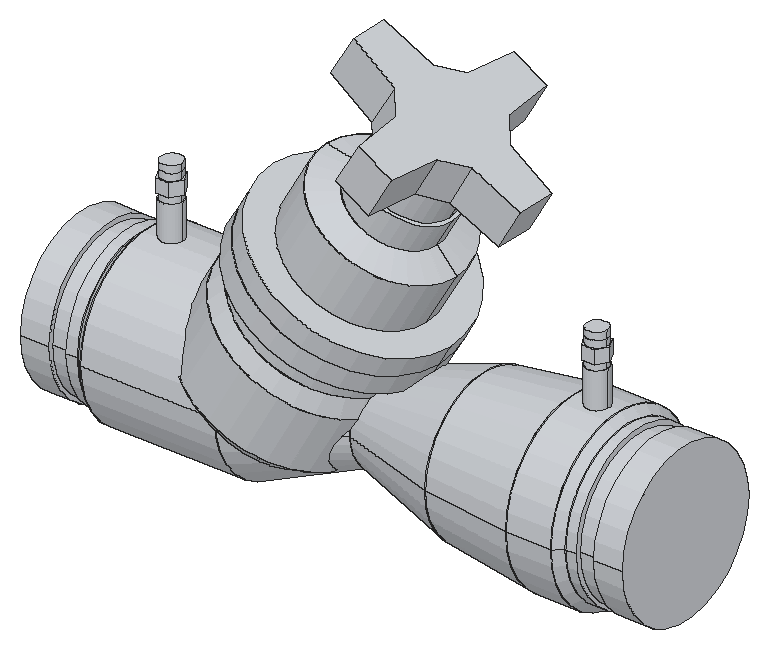
Revit family "447_d-DN050-RFA_2018", category Pipe Accessories, Revit 2018
Family settings
  Round Connector Dimension = Use Diameter
  Part Type = Valve - Breaks Into
  Work Plane-Based = No
  Always vertical = Yes
  Cut with Voids When Loaded = No
  Shared = No
Parameters (values of type "447_d-DN050")
  magiProductId = "b59a3d0ad4654cda90cee0c397c848"
  magiProductFamilyId = "eab8c084d85f47fc9aed3208e9defb"
  magiPartTypeId = 304
  isMeasuringValve [instance] = no
  ang2D [instance] = 0.00°
  W3 = 9.08 mm
  W2D = 100 mm
  W2 = 17.092 mm
  W1 = 7.25 mm
  VersionID = "2.0/2018.4.11.4/ZETKAMA_447_GROOVED_001"
  Use Minimum Symbol Size [instance] = yes
  URL = "www.hydronix.cz"
  Type Comments = "drážkový spoj; PN16; -10~+120°C;"
  R9 = 39 mm
  R8 = 16.5 mm
  R7 = 18 mm
  R6 = 36 mm
  R5 = 37 mm
  R4 = 16.5 mm
  R3 = 33 mm
  R2 = 28.5 mm
  R13 = 4.933 mm
  R12 = 3.861 mm
  R11 = 4.29 mm
  R1 = 30 mm
  R = 25 mm
  QmdConnectorList = "301;D;302;D"
  Productdata [instance] = ""
  Model = ""
  Manufacturer = "Hydronix"
  Maintenance Zone Under Depth [instance] = 30 mm
  Maintenance Zone Right Depth [instance] = 230 mm
  Maintenance Zone Over Depth [instance] = 130 mm
  Maintenance Zone Left Depth [instance] = 230 mm
  Maintenance Zone Front Depth [instance] = 130 mm
  Maintenance Zone Back Depth [instance] = 130 mm
  Maintenance Zone Front Visibility [instance] = no
  MC Product Code = "447 050 d (DN50; PN16 kvs32,15)"
  MC Piping Given Pressure Drop [instance] = 0.0 Pa
  L9 = 34.317 mm
  L8__ve = -L8  # -17.159 mm
  L8 = 17.159 mm
  L6 = 51.476 mm
  L5 = 3.286 mm
  L4__ve = -L4  # -4.381 mm
  L4 = 4.381 mm
  L3__ve = -L3  # -6.571 mm
  L3 = 6.571 mm
  L2__ve = -L2  # -10.952 mm
  L2D_Min = 3048 mm
  L2D = 350 mm
  L2 = 10.952 mm
  L13 = 8.579 mm
  L12 = 7.25 mm
  L11 = 9.08 mm
  L10 = 17.092 mm
  L1 = 115 mm
  KZ = 19.167 mm
  KL = 33.198 mm
  H9 = 3.433 mm
  H8 = 22.317 mm
  H7 = 8.583 mm
  H6 = 10.3 mm
  H5 = 6.867 mm
  H4 = 25.75 mm
  H17 = 5.2 mm
  H16 = 2.6 mm
  H15 = 46 mm
  H14 = 17.167 mm
  H13 = 12.875 mm
  H11 = 13.733 mm
  H10 = 12.017 mm
  Description = "Ruční vyvažovací ventil s drážkovým spojem"
  D = 50 mm
  CenSd_R13_6 = R13 * cos(30.00°)  # 4.272 mm
  Clearance Zone Height Depth [instance] = 130 mm
  Clearance Zone Circular Radius [instance] = 115 mm
  Clearance Zone Visibility [instance] = no
Types (10, lengths in mm): name | magiProductId | W3 | W2 | W1 | R9 | R8 | R7 | R6 | R5 | R4 | R3 | R2 | R13 | R12 | R11 | R1 | R | Maintenance Zone Under Depth | Maintenance Zone Right Depth | Maintenance Zone Over Depth | Maintenance Zone Left Depth | Maintenance Zone Front Depth | Maintenance Zone Back Depth | MC Product Code | L9 | L8__ve | L8 | L6 | L5 | L4__ve | L4 | L3__ve | L3 | L2__ve | L2 | L13 | L12 | L11 | L10 | L1 | KZ | KL | H9 | H8 | H7 | H6 | H5 | H4 | H17 | H16 | H15 | H14 | H13 | H11 | H10 | D | CenSd_R13_6 | Clearance Zone Height Depth | Clearance Zone Circular Radius
  447_d-DN100 | "e5a6bfdd9ca54003a0551f5d760c3c" | 14.437 | 30.026 | 12.736 | 74.1 | 31.35 | 34.2 | 68.4 | 65 | 31.35 | 62.7 | 54.15 | 7.507 | 5.875 | 6.528 | 57 | 50 | 57 | 350 | 240 | 350 | 130 | 130 | "447 100 d (DN100; PN16 kvs180,5)" | 52.222 | -26.111 | 26.111 | 78.333 | 5 | -6.667 | 6.667 | -10 | 10 | -16.667 | 16.667 | 13.056 | 12.736 | 14.437 | 30.026 | 175 | 29.167 | 50.518 | 6.389 | 41.531 | 15.973 | 19.168 | 12.779 | 47.92 | 9.6 | 4.8 | 86.7 | 31.947 | 23.96 | 25.557 | 22.363 | 100 | 6.501 | 240 | 175
  447_d-DN125 | "5795ec580370482d8c46e49d975863" | 14.437 | 30.026 | 12.736 | 91.65 | 38.775 | 42.3 | 84.6 | 65 | 38.775 | 77.55 | 66.975 | 8.579 | 6.714 | 7.46 | 70.5 | 62.5 | 71 | 400 | 260 | 400 | 130 | 130 | "447 125 d (DN125; PN16 kvs280,0)" | 59.683 | -29.841 | 29.841 | 89.524 | 5.714 | -7.619 | 7.619 | -11.429 | 11.429 | -19.048 | 19.048 | 14.921 | 12.736 | 14.437 | 30.026 | 200 | 33.333 | 57.735 | 7.005 | 45.534 | 17.513 | 21.016 | 14.01 | 52.539 | 10.4 | 5.2 | 103.55 | 35.026 | 26.269 | 28.021 | 24.518 | 125 | 7.43 | 260 | 200
  447_d-DN150 | "9b6b5ad10a674c51b522359e7e2d39" | 14.437 | 30.026 | 12.736 | 109.2 | 46.2 | 50.4 | 100.8 | 65 | 46.2 | 92.4 | 79.8 | 10.295 | 8.057 | 8.952 | 84 | 75 | 84 | 480 | 285 | 480 | 130 | 130 | "447 150 d (DN150; PN16 kvs383,4)" | 71.619 | -35.81 | 35.81 | 107.429 | 6.857 | -9.143 | 9.143 | -13.714 | 13.714 | -22.857 | 22.857 | 17.905 | 12.736 | 14.437 | 30.026 | 240 | 40 | 69.282 | 7.775 | 50.537 | 19.437 | 23.325 | 15.55 | 58.312 | 11.4 | 5.7 | 120.9 | 38.875 | 29.156 | 31.1 | 27.212 | 150 | 8.916 | 285 | 240
  447_d-DN200 | "f5a67fe5c2444fc986ed7f87b9a4ed" | 31.658 | 71.601 | 30.372 | 142.35 | 60.225 | 65.7 | 131.4 | 155 | 60.225 | 120.45 | 104.025 | 12.869 | 10.071 | 11.19 | 109.5 | 100 | 110 | 600 | 480 | 600 | 310 | 310 | "447 200 d (DN200; PN16 kvs710,0)" | 89.524 | -44.762 | 44.762 | 134.286 | 8.571 | -11.429 | 11.429 | -17.143 | 17.143 | -28.571 | 28.571 | 22.381 | 30.372 | 31.658 | 71.601 | 300 | 50 | 86.603 | 12.394 | 80.56 | 30.984 | 37.181 | 24.788 | 92.953 | 19.2 | 9.6 | 168.45 | 61.969 | 46.477 | 49.575 | 43.378 | 200 | 11.145 | 480 | 300
  447_d-DN250 | "7d63ae0d28f64990bc8ce3477101ef" | 31.658 | 71.601 | 30.372 | 177.45 | 75.075 | 81.9 | 163.8 | 155 | 75.075 | 150.15 | 129.675 | 15.657 | 12.254 | 13.615 | 136.5 | 125 | 137 | 730 | 525 | 730 | 310 | 310 | "447 250 d (DN250; PN16 kvs1187,5)" | 108.921 | -54.46 | 54.46 | 163.381 | 10.429 | -13.905 | 13.905 | -20.857 | 20.857 | -34.762 | 34.762 | 27.23 | 30.372 | 31.658 | 71.601 | 365 | 60.833 | 105.366 | 13.779 | 89.566 | 34.449 | 41.338 | 27.559 | 103.346 | 21 | 10.5 | 202.65 | 68.897 | 51.673 | 55.118 | 48.228 | 250 | 13.56 | 525 | 365
  447_d-DN300 | "0a2a34dba99a430aa7daf784d6b0c1" | 31.658 | 71.601 | 30.372 | 210.6 | 89.1 | 97.2 | 194.4 | 155 | 89.1 | 178.2 | 153.9 | 18.231 | 14.268 | 15.853 | 162 | 150 | 162 | 850 | 535 | 850 | 310 | 310 | "447 300 d (DN300; PN16 kvs1504,1)" | 126.825 | -63.413 | 63.413 | 190.238 | 12.143 | -16.19 | 16.19 | -24.286 | 24.286 | -40.476 | 40.476 | 31.706 | 30.372 | 31.658 | 71.601 | 425 | 70.833 | 122.687 | 14.087 | 91.568 | 35.218 | 42.262 | 28.175 | 105.655 | 21.4 | 10.7 | 231.7 | 70.437 | 52.828 | 56.349 | 49.306 | 300 | 15.789 | 535 | 425
  447_d-DN040 | "6dc4a6b5eb924103b02307904d600f" | 9.08 | 17.092 | 7.25 | 31.2 | 13.2 | 14.4 | 28.8 | 37 | 13.2 | 26.4 | 22.8 | 4.29 | 3.357 | 3.73 | 24 | 20 | 24 | 200 | 130 | 200 | 74 | 74 | "447 040 d (DN40; PN16 kvs22,36)" | 29.841 | -14.921 | 14.921 | 44.762 | 2.857 | -3.81 | 3.81 | -5.714 | 5.714 | -9.524 | 9.524 | 7.46 | 7.25 | 9.08 | 17.092 | 100 | 16.667 | 28.868 | 3.433 | 22.317 | 8.583 | 10.3 | 6.867 | 25.75 | 5.2 | 2.6 | 39.4 | 17.167 | 12.875 | 13.733 | 12.017 | 40 | 3.715 | 130 | 100
  447_d-DN050 | "b59a3d0ad4654cda90cee0c397c848" | 9.08 | 17.092 | 7.25 | 39 | 16.5 | 18 | 36 | 37 | 16.5 | 33 | 28.5 | 4.933 | 3.861 | 4.29 | 30 | 25 | 30 | 230 | 130 | 230 | 130 | 130 | "447 050 d (DN50; PN16 kvs32,15)" | 34.317 | -17.159 | 17.159 | 51.476 | 3.286 | -4.381 | 4.381 | -6.571 | 6.571 | -10.952 | 10.952 | 8.579 | 7.25 | 9.08 | 17.092 | 115 | 19.167 | 33.198 | 3.433 | 22.317 | 8.583 | 10.3 | 6.867 | 25.75 | 5.2 | 2.6 | 46 | 17.167 | 12.875 | 13.733 | 12.017 | 50 | 4.272 | 130 | 115
  447_d-DN065 | "356db372cd37496c9ff0d3ad255dc6" | 14.437 | 30.026 | 12.736 | 49.4 | 20.9 | 22.8 | 45.6 | 65 | 20.9 | 41.8 | 36.1 | 6.22 | 4.868 | 5.409 | 38 | 32.5 | 38 | 290 | 220 | 290 | 130 | 130 | "447 065 d (DN65; PN16 kvs83,3)" | 43.27 | -21.635 | 21.635 | 64.905 | 4.143 | -5.524 | 5.524 | -8.286 | 8.286 | -13.81 | 13.81 | 10.817 | 12.736 | 14.437 | 30.026 | 145 | 24.167 | 41.858 | 5.774 | 37.528 | 14.434 | 17.321 | 11.547 | 43.301 | 8.8 | 4.4 | 63.8 | 28.868 | 21.651 | 23.094 | 20.207 | 65 | 5.387 | 220 | 145
  447_d-DN080 | "f43aa02b4841429783243073d22ea7" | 14.437 | 30.026 | 12.736 | 57.85 | 24.475 | 26.7 | 53.4 | 65 | 24.475 | 48.95 | 42.275 | 6.649 | 5.204 | 5.782 | 44.5 | 40 | 45 | 310 | 220 | 310 | 130 | 130 | "447 080 d (DN80; PN16 kvs104,3)" | 46.254 | -23.127 | 23.127 | 69.381 | 4.429 | -5.905 | 5.905 | -8.857 | 8.857 | -14.762 | 14.762 | 11.563 | 12.736 | 14.437 | 30.026 | 155 | 25.833 | 44.745 | 5.774 | 37.528 | 14.434 | 17.321 | 11.547 | 43.301 | 8.8 | 4.4 | 70.95 | 28.868 | 21.651 | 23.094 | 20.207 | 80 | 5.758 | 220 | 155
Reference planes
  plane 1 "Center (Front/Back)": y = 0
  plane 2 "XYPLANE": z = 0
  plane 3 "Center (Left/Right)": x = 0
  plane 4 "159": y = 130
  plane 5 "158": y = -130
  plane 6 "157": z = -30
  plane 7 "156": z = 130
  plane 8 "155": x = -230
  plane 9 "154": x = 230
  plane 10 "132": z = 56.4
  plane 11 "125": z = 53.8
  plane 12 "120": z = 48.6
  plane 13 "119": z = 46
  plane 14 "112": x = 81.23
  plane 15 "111": x = -81.23
  plane 16 "109": y = -9.08
  plane 17 "108": y = 9.08
  plane 18 "105": through (352.529, 0, 662.493) normal (0.866, 0, -0.5)
  plane 19 "104": through (339.971, 0, 669.743) normal (0.866, 0, -0.5)
  plane 20 "103": y = -17.092
  plane 21 "102": y = -7.25
  plane 22 "101": y = 17.092
  plane 23 "100": y = 7.25
  plane 24 "99": through (338.387, 0, 670.658) normal (0.866, 0, -0.5)
  plane 25 "98": through (331.448, 0, 674.664) normal (0.866, 0, -0.5)
  plane 26 "97": through (354.113, 0, 661.578) normal (0.866, 0, -0.5)
  plane 27 "96": through (361.052, 0, 657.572) normal (0.866, 0, -0.5)
  plane 28 "95": y = -37
  plane 29 "94": y = 37
  plane 30 "93": through (378.293, 0, 647.618) normal (0.866, 0, -0.5)
  plane 31 "92": through (314.207, 0, 684.618) normal (0.866, 0, -0.5)
  plane 32 "88": x = 38.333
  plane 33 "87": x = 72.651
  plane 34 "81": through (-603.311, 0, 455.035) normal (0.5, 0, 0.866)
  plane 35 "80": through (-610.178, 0, 443.141) normal (0.5, 0, 0.866)
  plane 36 "75": through (-616.186, 0, 432.735) normal (0.5, 0, 0.866)
  plane 37 "72": through (-617.903, 0, 429.761) normal (0.5, 0, 0.866)
  plane 38 "68": through (-629.061, 0, 410.435) normal (0.5, 0, 0.866)
  plane 39 "67": through (-633.353, 0, 403.001) normal (0.5, 0, 0.866)
  plane 40 "62": through (-665.54, 0, 347.251) normal (0.5, 0, 0.866)
  plane 41 "61": through (-637.644, 0, 395.568) normal (0.5, 0, 0.866)
  plane 42 "58": through (-642.794, 0, 386.648) normal (0.5, 0, 0.866)
  plane 43 "56": through (-646.227, 0, 380.701) normal (0.5, 0, 0.866)
  plane 44 "51": y = 0
  plane 45 "49": through (346.25, 0, 666.118) normal (0.866, 0, -0.5)
  plane 46 "48": through (-659.102, 0, 358.401) normal (0.5, 0, 0.866)
  plane 47 "30": x = 89.81
  plane 48 "29": x = 93.095
  plane 49 "28": x = 97.476
  plane 50 "27": x = 104.048
  plane 51 "14": x = -38.333
  plane 52 "13": x = -89.81
  plane 53 "12": x = -93.095
  plane 54 "11": x = -97.476
  plane 55 "10": x = -104.048
  plane 56 "8": x = -115
  plane 57 "7": x = 115
  plane 58 "6": y = 0
  plane 59 "5": x = 0
  plane 60 "4": z = 0
  plane 61 "45XY": through (-649.519, 0, 375) normal (0.5, 0, 0.866)
  plane 62 "45XZ": y = 0
  plane 63 "45YZ": through (375, 0, 649.519) normal (0.866, 0, -0.5)
Forms (mm)
  Blend 1, solid, visible <- "Maintenance Zone Front Visibility"
    base sketch origin (-750, 0, -30) x (1, 0, 0) y (0, 1, 0)
      loop
        line (520, 130) -> (520, -130) -> (980, -130) -> (980, 130) -> (520, 130)
    top sketch origin (-750, 0, -30) x (1, 0, 0) y (0, 1, 0)
      loop
        line (520, 130) -> (520, -130) -> (980, -130) -> (980, 130) -> (520, 130)
    from 0 to 160
  Extrusion 2, solid, visible <- "Clearance Zone Visibility"
    sketch origin (-750, 0, 0) x (1, 0, 0) y (0, 1, 0)
      loop
        circle (750, 0) r 115
    from 0 to 130 <- "Clearance Zone Height Depth"
  Extrusion 3, solid
    sketch origin (-750, 0, 56.4) x (1, 0, 0) y (0, 1, 0)
      loop
        circle (831.23, 0) r 3.861
    from 0 to 2.6 <- "H16"
  Extrusion 4, solid
    sketch origin (-750, 0, 53.8) x (1, 0, 0) y (0, 1, 0)
      loop
        circle (831.23, 0) r 3.861
    from 0 to 2.6 <- "H16"
  Extrusion 5, solid
    sketch origin (-750, 0, 56.4) x (1, 0, 0) y (0, 1, 0)
      loop
        circle (668.77, 0) r 3.861
    from 0 to 2.6 <- "H16"
  Extrusion 6, solid
    sketch origin (-750, 0, 53.8) x (1, 0, 0) y (0, 1, 0)
      loop
        circle (668.77, 0) r 3.861
    from 0 to 2.6 <- "H16"
  Extrusion 7, solid
    sketch origin (-750, 0, 48.6) x (1, 0, 0) y (0, 1, 0)
      loop
        line (836.163, 0) -> (833.697, 4.272) -> (828.764, 4.272) -> (826.297, 0) -> (828.764, -4.272) -> (833.697, -4.272) -> (836.163, 0)
    from 0 to 5.2 <- "H17"
  Extrusion 8, solid
    sketch origin (-750, 0, 48.6) x (1, 0, 0) y (0, 1, 0)
      loop
        line (673.703, 0) -> (671.236, 4.272) -> (666.303, 4.272) -> (663.837, 0) -> (666.303, -4.272) -> (671.236, -4.272) -> (673.703, 0)
    from 0 to 5.2 <- "H17"
  Extrusion 9, solid
    sketch origin (-750, 0, 46) x (1, 0, 0) y (0, 1, 0)
      loop
        circle (831.23, 0) r 3.861
    from 0 to 2.6 <- "H16"
  Extrusion 10, solid
    sketch origin (-750, 0, 46) x (1, 0, 0) y (0, 1, 0)
      loop
        circle (668.77, 0) r 3.861
    from 0 to 2.6 <- "H16"
  Extrusion 11, solid
    sketch origin (-750, 0, 0) x (1, 0, 0) y (0, 1, 0)
      loop
        circle (831.23, 0) r 4.29
    from 0 to 46 <- "H15"
  Extrusion 12, solid
    sketch origin (-750, 0, 0) x (1, 0, 0) y (0, 1, 0)
      loop
        circle (668.77, 0) r 4.29
    from 0 to 46 <- "H15"
  Extrusion 13, solid
    sketch origin (-603.311, 0, 455.035) x (0.866025, 0, -0.5) y (0, 1, 0)
      loop
        line (679.802, 7.25) -> (679.802, -7.25) -> (699.711, -9.08) -> (707.723, -17.092) -> (709.552, -37) -> (724.052, -37) -> (725.882, -17.092) -> (733.894, -9.08) -> (753.802, -7.25) -> (753.802, 7.25) -> (733.894, 9.08) -> (725.882, 17.092) -> (724.052, 37) -> (709.552, 37) -> (707.723, 17.092) -> (699.711, 9.08) -> (679.802, 7.25)
    from 0 to 17.167 <- "H14"
  Blend 14, solid
    base sketch origin (72.651, -750, 0) x (0, 1, 0) y (0, 0, 1)
      loop
        circle (750, 0) r 33
    top sketch origin (72.651, -750, 0) x (0, 1, 0) y (0, 0, 1)
      loop
        circle (750, 0) r 28.5
    from 0 to -34.317
  Extrusion 15, solid
    sketch origin (-633.353, 0, 403.001) x (0.866025, 0, -0.5) y (0, 1, 0)
      loop
        circle (716.802, 0) r 39
    from 0 to 8.583 <- "H7"
  Extrusion 16, solid
    sketch origin (-637.644, 0, 395.568) x (0.866025, 0, -0.5) y (0, 1, 0)
      loop
        circle (716.802, 0) r 39
    from 0 to 8.583 <- "H7"
  Extrusion 17, solid
    sketch origin (-610.178, 0, 443.141) x (0.866025, 0, -0.5) y (0, 1, 0)
      loop
        circle (716.802, 0) r 16.5
    from 0 to 13.733 <- "H11"
  Blend 18, solid
    base sketch origin (-617.903, 0, 429.761) x (0.866025, 0, -0.5) y (0, 1, 0)
      loop
        circle (716.802, 0) r 28.5
    top sketch origin (-617.903, 0, 429.761) x (0.866025, 0, -0.5) y (0, 1, 0)
      loop
        circle (716.802, 0) r 18
    from 0 to 3.433
  Extrusion 19, solid
    sketch origin (-629.061, 0, 410.435) x (0.866025, 0, -0.5) y (0, 1, 0)
      loop
        circle (716.802, 0) r 28.5
    from 0 to 22.317 <- "H8"
  Extrusion 20, solid
    sketch origin (-616.186, 0, 432.735) x (0.866025, 0, -0.5) y (0, 1, 0)
      loop
        circle (716.802, 0) r 18
    from 0 to 12.017 <- "H10"
  Blend 21, solid
    base sketch origin (-659.102, 0, 358.401) x (0.866025, 0, -0.5) y (0, 1, 0)
      loop
        circle (716.802, 0) r 36
    top sketch origin (-659.102, 0, 358.401) x (0.866025, 0, -0.5) y (0, 1, 0)
      loop
        circle (716.802, 0) r 25
    from 0 to -12.875
  Extrusion 22, solid
    sketch origin (-642.794, 0, 386.648) x (0.866025, 0, -0.5) y (0, 1, 0)
      loop
        circle (716.802, 0) r 33
    from 0 to 10.3 <- "H6"
  Blend 23, solid
    base sketch origin (-646.227, 0, 380.701) x (0.866025, 0, -0.5) y (0, 1, 0)
      loop
        circle (716.802, 0) r 36
    top sketch origin (-646.227, 0, 380.701) x (0.866025, 0, -0.5) y (0, 1, 0)
      loop
        circle (716.802, 0) r 33
    from 0 to 6.867
  Extrusion 24, solid
    sketch origin (-659.102, 0, 358.401) x (0.866025, 0, -0.5) y (0, 1, 0)
      loop
        circle (716.802, 0) r 36
    from 0 to 25.75 <- "H4"
  Extrusion 25, solid
    sketch origin (115, -750, 0) x (0, 1, 0) y (0, 0, 1)
      loop
        circle (750, 0) r 30
    from 0 to -10.952 <- "L2__ve"
  Extrusion 26, solid
    sketch origin (104.048, -750, 0) x (0, 1, 0) y (0, 0, 1)
      loop
        circle (750, 0) r 28.5
    from 0 to -6.571 <- "L3__ve"
  Extrusion 27, solid
    sketch origin (97.476, -750, 0) x (0, 1, 0) y (0, 0, 1)
      loop
        circle (750, 0) r 30
    from 0 to -4.381 <- "L4__ve"
  Blend 28, solid
    base sketch origin (93.095, -750, 0) x (0, 1, 0) y (0, 0, 1)
      loop
        circle (750, 0) r 30
    top sketch origin (93.095, -750, 0) x (0, 1, 0) y (0, 0, 1)
      loop
        circle (750, 0) r 33
    from 0 to -3.286
  Extrusion 29, solid
    sketch origin (89.81, -750, 0) x (0, 1, 0) y (0, 0, 1)
      loop
        circle (750, 0) r 33
    from 0 to -17.159 <- "L8__ve"
  Blend 30, solid
    base sketch origin (38.333, -750, 0) x (0, 1, 0) y (0, 0, 1)
      loop
        circle (750, 0) r 28.5
    top sketch origin (38.333, -750, 0) x (0, 1, 0) y (0, 0, 1)
      loop
        circle (750, 0) r 16.5
    from 0 to -38.333
  Blend 31, solid
    base sketch origin (-38.333, -750, 0) x (0, 1, 0) y (0, 0, 1)
      loop
        circle (750, 0) r 33
    top sketch origin (-38.333, -750, 0) x (0, 1, 0) y (0, 0, 1)
      loop
        circle (750, 0) r 16.5
    from 0 to 38.333
  Extrusion 32, solid
    sketch origin (-89.81, -750, 0) x (0, 1, 0) y (0, 0, 1)
      loop
        circle (750, 0) r 33
    from 0 to 51.476 <- "L6"
  Blend 33, solid
    base sketch origin (-93.095, -750, 0) x (0, 1, 0) y (0, 0, 1)
      loop
        circle (750, 0) r 30
    top sketch origin (-93.095, -750, 0) x (0, 1, 0) y (0, 0, 1)
      loop
        circle (750, 0) r 33
    from 0 to 3.286
  Extrusion 34, solid
    sketch origin (-97.476, -750, 0) x (0, 1, 0) y (0, 0, 1)
      loop
        circle (750, 0) r 30
    from 0 to 4.381 <- "L4"
  Extrusion 35, solid
    sketch origin (-104.048, -750, 0) x (0, 1, 0) y (0, 0, 1)
      loop
        circle (750, 0) r 28.5
    from 0 to 6.571 <- "L3"
  Extrusion 36, solid
    sketch origin (-115, -750, 0) x (0, 1, 0) y (0, 0, 1)
      loop
        circle (750, 0) r 30
    from 0 to 10.952 <- "L2"
  Extrusion 37, solid, not visible
    sketch origin (-115, -750, 0) x (0, 1, 0) y (0, 0, 1)
      loop
        circle (750, 0) r 4.514
    from 0 to 10
  Extrusion 38, solid, not visible
    sketch origin (115, -750, 0) x (0, 1, 0) y (0, 0, 1)
      loop
        circle (750, 0) r 4.514
    from 0 to -10
Lines and regions (mm)
  reference lines, not visible
    curve 1: circle (2, 2, 0) r 1 normal (0, 0, 1)
  reference lines
    curve 2: line (81.23, 0, 48.6) -> (79.353, 3.251, 48.6)
    curve 3: line (81.23, 0, 48.6) -> (77.477, 0, 48.6)
    curve 4: line (81.23, 0, 48.6) -> (79.353, -3.251, 48.6)
    curve 5: line (-81.23, 0, 48.6) -> (-83.107, 3.251, 48.6)
    curve 6: line (-81.23, 0, 48.6) -> (-84.984, 0, 48.6)
    curve 7: line (-81.23, 0, 48.6) -> (-83.107, -3.251, 48.6)
Dimensions and locks
  plane 1 "Center (Front/Back)" to curve 1 = 2 mm
  "Maintenance Zone Back Depth": plane 1 "Center (Front/Back)" to plane 4 "159"
  "Maintenance Zone Front Depth": plane 1 "Center (Front/Back)" to plane 5 "158"
  "Maintenance Zone Under Depth": plane 2 "XYPLANE" to plane 6 "157"
  "Maintenance Zone Over Depth": plane 2 "XYPLANE" to plane 7 "156"
  "Maintenance Zone Left Depth": plane 3 "Center (Left/Right)" to plane 8 "155"
  "Maintenance Zone Right Depth": plane 3 "Center (Left/Right)" to plane 9 "154"
  "H16": plane 11 "125" to plane 10 "132"
  "H17": plane 12 "120" to plane 11 "125"
  "H16": plane 13 "119" to plane 12 "120"
  "H15": plane 2 "XYPLANE" to plane 13 "119"
  "L13": plane 47 "30" to plane 14 "112"
  "L13": plane 52 "13" to plane 15 "111"
  "W3": plane 44 "51" to plane 16 "109"
  "W3": plane 44 "51" to plane 17 "108"
  "L12": plane 45 "49" to plane 18 "105"
  "L12": plane 45 "49" to plane 19 "104"
  "W2": plane 58 "6" to plane 20 "103"
  "W1": plane 58 "6" to plane 21 "102"
  "W2": plane 58 "6" to plane 22 "101"
  "W1": plane 58 "6" to plane 23 "100"
  "L11": plane 45 "49" to plane 24 "99"
  "L10": plane 45 "49" to plane 25 "98"
  "L11": plane 45 "49" to plane 26 "97"
  "L10": plane 45 "49" to plane 27 "96"
  "R5": plane 58 "6" to plane 28 "95"
  "R5": plane 58 "6" to plane 29 "94"
  "R5": plane 45 "49" to plane 30 "93"
  "R5": plane 45 "49" to plane 31 "92"
  "L9": plane 33 "87" to plane 32 "88"
  "L8": plane 47 "30" to plane 33 "87"
  "H11": plane 35 "80" to plane 34 "81"
  "H10": plane 36 "75" to plane 35 "80"
  "H9": plane 37 "72" to plane 36 "75"
  "H8": plane 38 "68" to plane 37 "72"
  "H7": plane 39 "67" to plane 38 "68"
  "H7": plane 41 "61" to plane 39 "67"
  "H13": plane 46 "48" to plane 40 "62"
  "H6": plane 42 "58" to plane 41 "61"
  "H5": plane 43 "56" to plane 42 "58"
  "H4": plane 46 "48" to plane 43 "56"
  locked: plane 58 "6" to plane 44 "51"
  "KL": plane 63 "45YZ" to plane 45 "49"
  "KZ": plane 61 "45XY" to plane 46 "48"
  "L5": plane 48 "29" to plane 47 "30"
  "L4": plane 49 "28" to plane 48 "29"
  "L3": plane 50 "27" to plane 49 "28"
  "L2": plane 57 "7" to plane 50 "27"
  "L6": plane 52 "13" to plane 51 "14"
  "L5": plane 53 "12" to plane 52 "13"
  "L4": plane 54 "11" to plane 53 "12"
  "L3": plane 55 "10" to plane 54 "11"
  "L2": plane 56 "8" to plane 55 "10"
  "L1": plane 3 "Center (Left/Right)" to plane 56 "8"
  "L1": plane 3 "Center (Left/Right)" to plane 57 "7"
  locked: plane 1 "Center (Front/Back)" to plane 58 "6"
  locked: plane 3 "Center (Left/Right)" to plane 59 "5"
  locked: plane 2 "XYPLANE" to plane 60 "4"
  Blend 1 sketch curve to Blend 1 sketch curve = 0 mm  (x16)
  "CenSd_R13_6": curve 2 to Extrusion 7 sketch curve  (x2)
  "CenSd_R13_6": curve 3 to Extrusion 7 sketch curve  (x2)
  "CenSd_R13_6": curve 4 to Extrusion 7 sketch curve  (x2)
  Extrusion 7 sketch curve to Extrusion 7 sketch curve = 0 mm  (x12)
  "CenSd_R13_6": curve 5 to Extrusion 8 sketch curve  (x2)
  "CenSd_R13_6": curve 6 to Extrusion 8 sketch curve  (x2)
  "CenSd_R13_6": curve 7 to Extrusion 8 sketch curve  (x2)
  Extrusion 8 sketch curve to Extrusion 8 sketch curve = 0 mm  (x12)
  Extrusion 13 sketch curve to Extrusion 13 sketch curve = 0 mm  (x32)
  "Clearance Zone Circular Radius": radius of Extrusion 2 sketch curve
  "R12": radius of Extrusion 3 sketch curve
  "R12": radius of Extrusion 4 sketch curve
  "R12": radius of Extrusion 5 sketch curve
  "R12": radius of Extrusion 6 sketch curve
  "R12": radius of Extrusion 9 sketch curve
  "R12": radius of Extrusion 10 sketch curve
  "R11": radius of Extrusion 11 sketch curve
  "R11": radius of Extrusion 12 sketch curve
  "R2": radius of Blend 14 sketch curve
  "R3": radius of Blend 14 sketch curve
  "R9": radius of Extrusion 15 sketch curve
  "R9": radius of Extrusion 16 sketch curve
  "R8": radius of Extrusion 17 sketch curve
  "R7": radius of Blend 18 sketch curve
  "R2": radius of Blend 18 sketch curve
  "R2": radius of Extrusion 19 sketch curve
  "R7": radius of Extrusion 20 sketch curve
  "R": radius of Blend 21 sketch curve
  "R6": radius of Blend 21 sketch curve
  "R3": radius of Extrusion 22 sketch curve
  "R3": radius of Blend 23 sketch curve
  "R6": radius of Blend 23 sketch curve
  "R6": radius of Extrusion 24 sketch curve
  "R1": radius of Extrusion 25 sketch curve
  "R2": radius of Extrusion 26 sketch curve
  "R1": radius of Extrusion 27 sketch curve
  "R3": radius of Blend 28 sketch curve
  "R1": radius of Blend 28 sketch curve
  "R3": radius of Extrusion 29 sketch curve
  "R4": radius of Blend 30 sketch curve
  "R2": radius of Blend 30 sketch curve
  "R4": radius of Blend 31 sketch curve
  "R3": radius of Blend 31 sketch curve
  "R3": radius of Extrusion 32 sketch curve
  "R3": radius of Blend 33 sketch curve
  "R1": radius of Blend 33 sketch curve
  "R1": radius of Extrusion 34 sketch curve
  "R2": radius of Extrusion 35 sketch curve
  "R1": radius of Extrusion 36 sketch curve
  locked: curve 3 to curve 2 (angle 60.00°)
  locked: curve 4 to curve 3 (angle 60.00°)
  locked: curve 4 to curve 2 (angle 120.00°)
  locked: curve 6 to curve 5 (angle 60.00°)
  locked: curve 7 to curve 6 (angle 60.00°)
  locked: curve 7 to curve 5 (angle 120.00°)
  aligned and locked: level to plane 2 "XYPLANE"
  aligned and locked: Blend 1 sketch curve to plane 8 "155"  (x2)
  aligned and locked: plane 4 "159" to Blend 1 sketch curve  (x4)
  aligned and locked: plane 5 "158" to Blend 1 sketch curve  (x4)
  aligned and locked: plane 8 "155" to Blend 1 sketch curve  (x2)
  aligned and locked: plane 9 "154" to Blend 1 sketch curve  (x4)
  aligned and locked: plane 7 "156" to Blend 1
  aligned and locked: plane 58 "6" to Extrusion 2 sketch curve
  aligned and locked: plane 59 "5" to Extrusion 2 sketch curve
  aligned and locked: plane 14 "112" to Extrusion 3 sketch curve
  aligned and locked: plane 58 "6" to Extrusion 3 sketch curve
  aligned and locked: plane 14 "112" to Extrusion 4 sketch curve
  aligned and locked: plane 58 "6" to Extrusion 4 sketch curve
  aligned and locked: plane 15 "111" to Extrusion 5 sketch curve
  aligned and locked: plane 58 "6" to Extrusion 5 sketch curve
  aligned and locked: plane 15 "111" to Extrusion 6 sketch curve
  aligned and locked: plane 58 "6" to Extrusion 6 sketch curve
  aligned and locked: plane 14 "112" to curve 4
  aligned and locked: plane 58 "6" to curve 4
  aligned and locked: plane 15 "111" to curve 6
  aligned and locked: plane 58 "6" to curve 6
  aligned and locked: plane 14 "112" to Extrusion 9 sketch curve
  aligned and locked: plane 58 "6" to Extrusion 9 sketch curve
  aligned and locked: plane 15 "111" to Extrusion 10 sketch curve
  aligned and locked: plane 58 "6" to Extrusion 10 sketch curve
  aligned and locked: plane 14 "112" to Extrusion 11 sketch curve
  aligned and locked: plane 58 "6" to Extrusion 11 sketch curve
  aligned and locked: plane 15 "111" to Extrusion 12 sketch curve
  aligned and locked: plane 58 "6" to Extrusion 12 sketch curve
  aligned and locked: Extrusion 13 sketch curve to plane 31 "92"  (x2)
  aligned and locked: plane 23 "100" to Extrusion 13 sketch curve  (x2)
  aligned and locked: plane 21 "102" to Extrusion 13 sketch curve  (x2)
  aligned and locked: plane 16 "109" to Extrusion 13 sketch curve  (x2)
  aligned and locked: Extrusion 13 sketch curve to plane 25 "98"
  aligned and locked: plane 20 "103" to Extrusion 13 sketch curve  (x2)
  aligned and locked: Extrusion 13 sketch curve to plane 24 "99"
  aligned and locked: plane 28 "95" to Extrusion 13 sketch curve  (x2)
  aligned and locked: Extrusion 13 sketch curve to plane 19 "104"
  aligned and locked: Extrusion 13 sketch curve to plane 18 "105"
  aligned and locked: Extrusion 13 sketch curve to plane 26 "97"
  aligned and locked: Extrusion 13 sketch curve to plane 27 "96"
  aligned and locked: Extrusion 13 sketch curve to plane 30 "93"
  aligned and locked: plane 30 "93" to Extrusion 13 sketch curve
  aligned and locked: plane 17 "108" to Extrusion 13 sketch curve  (x2)
  aligned and locked: plane 27 "96" to Extrusion 13 sketch curve
  aligned and locked: plane 22 "101" to Extrusion 13 sketch curve  (x2)
  aligned and locked: plane 26 "97" to Extrusion 13 sketch curve
  aligned and locked: plane 18 "105" to Extrusion 13 sketch curve
  aligned and locked: plane 29 "94" to Extrusion 13 sketch curve  (x2)
  aligned and locked: plane 19 "104" to Extrusion 13 sketch curve
  aligned and locked: plane 24 "99" to Extrusion 13 sketch curve
  aligned and locked: plane 25 "98" to Extrusion 13 sketch curve
  aligned and locked: Blend 14 sketch curve to plane 58 "6"  (x2)
  aligned and locked: plane 60 "4" to Blend 14 sketch curve  (x2)
  aligned and locked: Blend 14 to plane 32 "88"
  aligned and locked: plane 44 "51" to Extrusion 15 sketch curve
  aligned and locked: Extrusion 15 sketch curve to plane 45 "49"
  aligned and locked: plane 44 "51" to Extrusion 16 sketch curve
  aligned and locked: Extrusion 16 sketch curve to plane 45 "49"
  aligned and locked: plane 44 "51" to Extrusion 17 sketch curve
  aligned and locked: Extrusion 17 sketch curve to plane 45 "49"
  aligned and locked: plane 44 "51" to Blend 18 sketch curve  (x2)
  aligned and locked: Blend 18 sketch curve to plane 45 "49"  (x2)
  aligned and locked: plane 36 "75" to Blend 18
  aligned and locked: plane 44 "51" to Extrusion 19 sketch curve
  aligned and locked: Extrusion 19 sketch curve to plane 45 "49"
  aligned and locked: plane 44 "51" to Extrusion 20 sketch curve
  aligned and locked: Extrusion 20 sketch curve to plane 45 "49"
  aligned and locked: plane 44 "51" to Blend 21 sketch curve  (x2)
  aligned and locked: Blend 21 sketch curve to plane 45 "49"  (x2)
  aligned and locked: Blend 21 to plane 40 "62"
  aligned and locked: plane 44 "51" to Extrusion 22 sketch curve
  aligned and locked: Extrusion 22 sketch curve to plane 45 "49"
  aligned and locked: plane 44 "51" to Blend 23 sketch curve  (x2)
  aligned and locked: Blend 23 sketch curve to plane 45 "49"  (x2)
  aligned and locked: plane 42 "58" to Blend 23
  aligned and locked: plane 44 "51" to Extrusion 24 sketch curve
  aligned and locked: Extrusion 24 sketch curve to plane 45 "49"
  aligned and locked: Extrusion 25 sketch curve to plane 58 "6"
  aligned and locked: plane 60 "4" to Extrusion 25 sketch curve
  aligned and locked: Extrusion 26 sketch curve to plane 58 "6"
  aligned and locked: plane 60 "4" to Extrusion 26 sketch curve
  aligned and locked: Extrusion 27 sketch curve to plane 58 "6"
  aligned and locked: plane 60 "4" to Extrusion 27 sketch curve
  aligned and locked: Blend 28 sketch curve to plane 58 "6"  (x2)
  aligned and locked: plane 60 "4" to Blend 28 sketch curve  (x2)
  aligned and locked: Blend 28 to plane 47 "30"
  aligned and locked: Extrusion 29 sketch curve to plane 58 "6"
  aligned and locked: plane 60 "4" to Extrusion 29 sketch curve
  aligned and locked: Blend 30 sketch curve to plane 58 "6"  (x2)
  aligned and locked: plane 60 "4" to Blend 30 sketch curve  (x2)
  aligned and locked: Blend 30 to plane 59 "5"
  aligned and locked: Blend 31 sketch curve to plane 58 "6"  (x2)
  aligned and locked: plane 60 "4" to Blend 31 sketch curve  (x2)
  aligned and locked: plane 59 "5" to Blend 31
  aligned and locked: Extrusion 32 sketch curve to plane 58 "6"
  aligned and locked: plane 60 "4" to Extrusion 32 sketch curve
  aligned and locked: Blend 33 sketch curve to plane 58 "6"  (x2)
  aligned and locked: plane 60 "4" to Blend 33 sketch curve  (x2)
  aligned and locked: plane 52 "13" to Blend 33
  aligned and locked: Extrusion 34 sketch curve to plane 58 "6"
  aligned and locked: plane 60 "4" to Extrusion 34 sketch curve
  aligned and locked: Extrusion 35 sketch curve to plane 58 "6"
  aligned and locked: plane 60 "4" to Extrusion 35 sketch curve
  aligned and locked: Extrusion 36 sketch curve to plane 58 "6"
  aligned and locked: plane 60 "4" to Extrusion 36 sketch curve
  aligned and locked: Extrusion 37 sketch curve to plane 58 "6"
  aligned and locked: plane 60 "4" to Extrusion 37 sketch curve
  aligned and locked: Extrusion 38 sketch curve to plane 58 "6"
  aligned and locked: plane 60 "4" to Extrusion 38 sketch curve
Automatic sketch dimensions
  plane 21 "102" to Extrusion 37 sketch curve = 2.736 mm
  plane 21 "102" to Extrusion 38 sketch curve = 2.736 mm
  plane 3 "Center (Left/Right)" to curve 1 = 2 mm
  radius of curve 1 = 1 mm
Connectors
  piping at (-115, 0, 0), diameter 50, driven by "D"
    settings: on Extrusion 37, index 1, connector inside diameter 609.6 mm, connector length 0 mm, flow factor 0, pipe flow 0.0 L/s, pressure drop 0.0 Pa, fitting loss kfactor 0, connector angle 0.00°, fixture units 0, engagement length 0 mm, angle of deflection 0.00°, flow configuration 0, flow direction 0, fitting loss method 0, system type 29, joint type 0, gender type 0, connector reference index 2, connector utility 0, adjustable connector no, is connector primary yes, connector description ""
  piping at (115, 0, 0), diameter 50, driven by "D"
    settings: on Extrusion 38, index 2, connector inside diameter 609.6 mm, connector length 0 mm, flow factor 0, pipe flow 0.0 L/s, pressure drop 0.0 Pa, fitting loss kfactor 0, connector angle 0.00°, fixture units 0, engagement length 0 mm, angle of deflection 0.00°, flow configuration 0, flow direction 0, fitting loss method 0, system type 29, joint type 0, gender type 0, connector reference index 1, connector utility 0, adjustable connector no, is connector primary no, connector description ""
